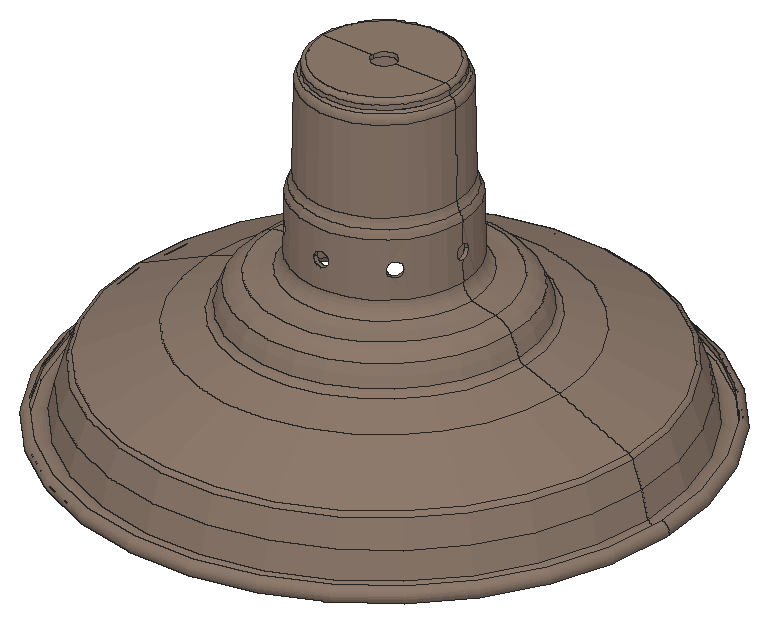
Revit family "VW512", category Generic Models, Revit 2017
Family settings
  Can host rebar = No
  Round Connector Dimension = Use Diameter
  Part Type = Normal
  Work Plane-Based = No
  Always vertical = Yes
  Cut with Voids When Loaded = No
  Shared = No
  Room Calculation Point = No
Parameters
  VW512 = ARCH. BRNZ.
Reference planes (in)
  plane 1 "Center (Front/Back)": y = 0
  plane 2: z = 0
  plane 3 "Center (Left/Right)": x = 0
Forms (in)
  Revolve 1, solid, material "ARCH. BRNZ." <- "VW512"
    sketch origin (-17.61959, 0, 0) x (1, 0, 0) y (0, 0, 1)
      loop
        line (12.19665, 12.49252) -> (12.37696, 12.99476)
        arc (12.37696, 12.99476) -> (12.40169, 13.02036) -> (12.43218, 13.03872) r 0.13677
        arc (12.43218, 13.03872) -> (13.15664, 13.36821) -> (13.89288, 13.67043) r 21.32744
        line (13.89288, 13.67043) -> (14.65161, 13.93698)
        arc (14.65161, 13.93698) -> (14.75512, 14.0068) -> (14.8281, 14.1081) r 0.35542
        arc (14.8281, 14.1081) -> (14.89121, 14.29832) -> (14.97584, 14.47999) r 1.73464
        arc (14.97584, 14.47999) -> (15.10404, 14.59433) -> (15.25746, 14.67163) r 0.65862
        arc (15.25746, 14.67163) -> (15.5238, 14.71715) -> (15.78285, 14.79398) r 2.27107
        arc (15.78285, 14.79398) -> (15.94097, 14.95593) -> (16.00743, 15.17229) r 0.4806
        line (16.00743, 15.17229) -> (16.02052, 16.29992)
        arc (16.02052, 16.29992) -> (16.04402, 16.37285) -> (16.07626, 16.44236) r 0.62519
        arc (16.07626, 16.44236) -> (16.12622, 16.55013) -> (16.15285, 16.66589) r 0.57227
        line (16.15285, 16.66589) -> (16.17927, 18.42412)
        arc (16.17927, 18.42412) -> (16.18467, 18.48196) -> (16.2137, 18.53227) r 0.13602
        arc (16.2137, 18.53227) -> (16.26926, 18.58164) -> (16.29826, 18.65008) r 0.16892
        line (16.29826, 18.65008) -> (16.29826, 18.75517) -> (17.36959, 18.75517) -> (17.36959, 18.83517) -> (16.31082, 18.83517)
        arc (16.31082, 18.83517) -> (16.24554, 18.80789) -> (16.21826, 18.7426) r 0.09315
        line (16.21826, 18.7426) -> (16.21826, 18.65008)
        arc (16.21826, 18.65008) -> (16.19645, 18.61901) -> (16.16539, 18.59721) r 0.10999
        arc (16.16539, 18.59721) -> (16.11285, 18.51876) -> (16.09928, 18.42532) r 0.21358
        line (16.09928, 18.42532) -> (16.07286, 16.66709)
        arc (16.07286, 16.66709) -> (16.04888, 16.5713) -> (16.00675, 16.482) r 0.50589
        arc (16.00675, 16.482) -> (15.96806, 16.39824) -> (15.94064, 16.31015) r 0.70519
        line (15.94064, 16.31015) -> (15.92743, 15.17322)
        arc (15.92743, 15.17322) -> (15.8753, 15.00211) -> (15.75558, 14.86919) r 0.41221
        arc (15.75558, 14.86919) -> (15.5014, 14.79408) -> (15.24001, 14.75021) r 2.19107
        arc (15.24001, 14.75021) -> (15.05925, 14.66062) -> (14.90948, 14.52546) r 0.73862
        arc (14.90948, 14.52546) -> (14.81845, 14.33184) -> (14.75084, 14.12886) r 1.81464
        arc (14.75084, 14.12886) -> (14.694, 14.0591) -> (14.61866, 14.00988) r 0.29297
        line (14.61866, 14.00988) -> (13.86512, 13.74547)
        arc (13.86512, 13.74547) -> (13.12549, 13.4419) -> (12.39771, 13.11091) r 21.40744
        arc (12.39771, 13.11091) -> (12.34575, 13.0779) -> (12.30518, 13.03159) r 0.21641
        line (12.30518, 13.03159) -> (12.12009, 12.51602) -> (11.98791, 12.00044)
        arc (11.98791, 12.00044) -> (11.85617, 11.88221) -> (11.68383, 11.8418) r 0.357
        arc (11.68383, 11.8418) -> (11.61546, 11.92112) -> (11.68383, 12.00044) r 0.0802
        line (11.68383, 12.00044) -> (11.68383, 12.08088)
        arc (11.68383, 12.08088) -> (11.53557, 11.92706) -> (11.67204, 11.76268) r 0.1602
        arc (11.67204, 11.76268) -> (11.90006, 11.81504) -> (12.0654, 11.98057) r 0.42308
        line (12.0654, 11.98057) -> (12.19665, 12.49252)
      axis (17.61959, 11.76268) -> (17.61959, 18.83517)
    angle from 0 to 360
  Extrusion 2, void
    sketch origin (-17.61959, 0, 0) x (1, 0, 0) y (0, 0, 1)
      loop
        circle (17.61959, 15.74171) r 0.15742
    from 1.57297 to 1.71491
  Extrusion 3, void
    sketch origin (-17.61959, 0, 0) x (1, 0, 0) y (0, 0, -1)
      loop
        circle (17.61959, -15.74171) r 0.15742
    from 1.57297 to 1.71491
  Extrusion 4, void
    sketch origin (-12.45893, 12.45893, 0) x (0.707107, -0.707107, 0) y (0, 0, 1)
      loop
        circle (17.61959, 15.74171) r 0.15742
    from 1.57297 to 1.71491
  Extrusion 5, void
    sketch origin (-12.45893, 12.45893, 0) x (0.707107, -0.707107, 0) y (0, 0, -1)
      loop
        circle (17.61959, -15.74171) r 0.15742
    from 1.57297 to 1.71491
  Extrusion 6, void
    sketch origin (0, 17.61959, 0) x (0, -1, 0) y (0, 0, 1)
      loop
        circle (17.61959, 15.74171) r 0.15742
    from 1.57297 to 1.71491
  Extrusion 7, void
    sketch origin (0, 17.61959, 0) x (0, -1, 0) y (0, 0, -1)
      loop
        circle (17.61959, -15.74171) r 0.15742
    from 1.57297 to 1.71491
  Extrusion 8, void
    sketch origin (12.45893, 12.45893, 0) x (-0.707107, -0.707107, 0) y (0, 0, 1)
      loop
        circle (17.61959, 15.74171) r 0.15742
    from 1.57297 to 1.71491
  Extrusion 9, void
    sketch origin (12.45893, 12.45893, 0) x (-0.707107, -0.707107, 0) y (0, 0, -1)
      loop
        circle (17.61959, -15.74171) r 0.15742
    from 1.57297 to 1.71491
Cuts and joins
  Extrusion 2, Extrusion 3, Extrusion 4, Extrusion 5, Extrusion 6, Extrusion 7, Extrusion 8, Extrusion 9 cuts Revolve 1
Dimensions and locks (in)
  aligned and locked: plane 2 to level
